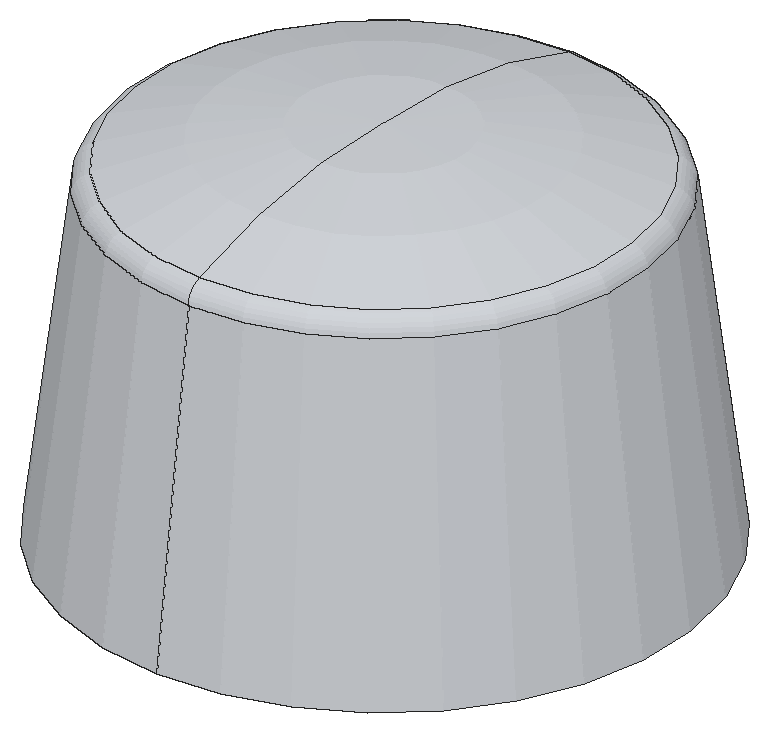
Revit family "E_FF109 Downlighter Cover(300,350mm)", category Specialty Equipment, Revit 2015
Parameters (values of type "350mm")
  Youtube Clip = ""
  Wall Thickness = 14 mm
  URL = "https://www.tenmat.com/passive-fire-protection/"
  Top Radius = 185 mm
  Tenmat Item Number = "I109MC01200350023000"
  Radius = 215 mm
  Performance = "BS EN 1366-3:2009 & BS 476, ETA-12/0332, 1224-CPR-0341, CE Marked"
  Material/Grade = "Firefly 109"
  Manufacturer = "Tenmat ltd"
  IFC Classification = "Building Element Proxy"
  Description = "Firefly 109 350mm Downlighter Cover"
  Height = 278 mm
  Cut-Out Size = "145-270mm"
Types (2, lengths in mm): name | Top Radius | Tenmat Item Number | Radius | Description | Height
  300mm | 160 | "I109MC01200300017003" | 185 | "Firefly 109 300mm Downlighter Cover" | 228
  350mm | 185 | "I109MC01200350023000" | 215 | "Firefly 109 350mm Downlighter Cover" | 278
Reference planes
  plane 1 "Center (Front/Back)": y = 0
  plane 2: z = 0
  plane 3 "Center (Left/Right)": x = 0
  plane 4: z = 10
  plane 5: y = -201
  plane 6: y = -215
  plane 7: z = 278
  plane 8: y = -185
  plane 9: z = 236
  plane 10: y = -174.156
  plane 11: z = 249.817
Forms (mm)
  Revolve 1, solid
    sketch origin (0, 0, 0) x (0, 1, 0) y (0, 0, 1)
      loop
        line (-201, 0) -> (-169.047, 236.782)
        arc (-169.047, 236.782) -> (-85.984, 259.459) -> (0, 263.98) r 403.131
        line (0, 263.98) -> (0, 278)
        arc (0, 278) -> (-88.585, 273.221) -> (-174.156, 249.817) r 417.131
        arc (-174.156, 249.817) -> (-181.459, 244.385) -> (-185, 236) r 17.318
        line (-185, 236) -> (-215, 0) -> (-201, 0)
      axis (0, 278) -> (0, 0)
    angle from 0 to 360
Dimensions and locks
  "Wall Thickness": plane 5 to plane 6
  "Height": plane 7 to plane 2
  "Radius": plane 1 "Center (Front/Back)" to plane 6
  plane 7 to plane 9 = 42 mm
  plane 11 to plane 9 = 13.817 mm
  plane 10 to plane 8 = 10.844 mm
  "Top Radius": plane 1 "Center (Front/Back)" to plane 8
  aligned and locked: level to plane 2
  aligned and locked: plane 2 to Revolve 1 sketch curve
  aligned and locked: plane 6 to Revolve 1 sketch curve
  aligned and locked: plane 9 to Revolve 1 sketch curve
  aligned and locked: plane 8 to Revolve 1 sketch curve
  aligned and locked: plane 10 to Revolve 1 sketch curve  (x2)
  aligned and locked: plane 11 to Revolve 1 sketch curve
  aligned and locked: plane 1 "Center (Front/Back)" to Revolve 1 sketch curve
  aligned and locked: Revolve 1 sketch curve to plane 1 "Center (Front/Back)"
Automatic sketch dimensions
  Revolve 1 sketch curve to Revolve 1 sketch curve = 0 mm  (x2)
  Revolve 1 sketch curve to plane 5 = 0 mm
  Revolve 1 sketch curve to plane 7 = 0 mm
  plane 9 to Revolve 1 sketch curve = 0.782 mm
  plane 10 to Revolve 1 sketch curve = 5.108 mm
  Revolve 1 sketch curve to Revolve 1 sketch curve = 1.211 mm
  plane 4 to Revolve 1 sketch curve = 12.81 mm
  Revolve 1 sketch curve to Revolve 1 sketch curve = 6.81 mm
